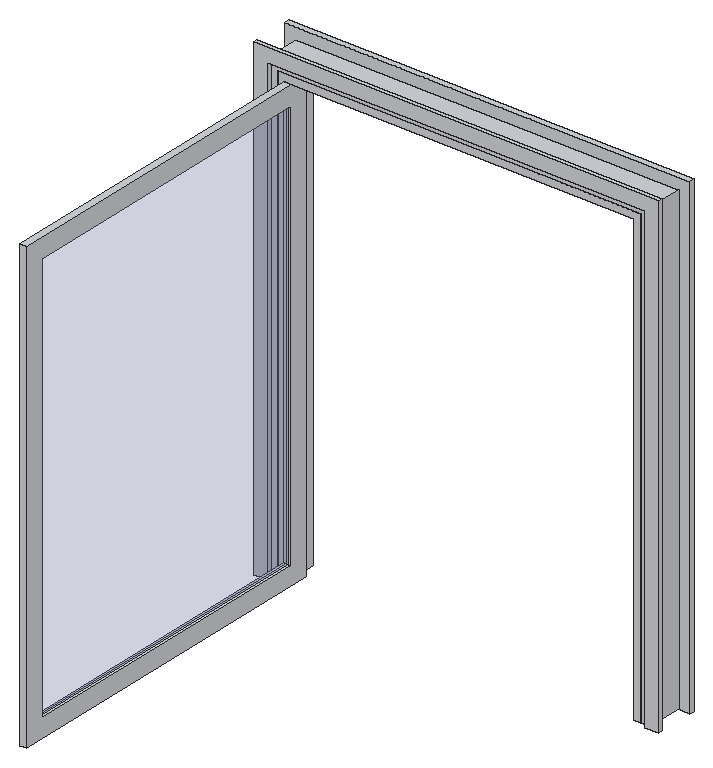
Revit family "Porte_Simple_Nu_axe_Va-et-Vient", category Portes, Revit 2016
Family settings
  Hôte = Mur
  Numéro OmniClass = 23.30.10.00
  Titre OmniClass = Doors
  Toujours verticalement = Oui
  Couper avec des vides une fois chargée = Non
  Partagée = Non
  Point de calcul de pièce = Oui
Parameters (values of type "190 x 93 Vitrée")
  ouvrant = none
  demi largeur = Ouvrant_Largeur / 2  # 75 cm
  Type_Ouvrant = Ouvrant : Ouvrant _vitré
  Stable au Feu en Heures = ""
  Pre_Cadre = none
  Pare Feu en Heures = ""
  Ouvrant_Largeur = 150 cm
  Ouvrant_Epaisseur = 3 cm
  Largeur_Passage = Ouvrant_Largeur - ((Dormant_Exterieur_Epaisseur - Dormant_Interieur_Epaisseur) * 2)  # 146 cm
  Rough Width = Width  # 164 cm
  Hauteur_Passage = Ouvrant_Hauteur - (Dormant_Exterieur_Epaisseur - Dormant_Interieur_Epaisseur)  # 191 cm
  Ouvrant_Hauteur = 193 cm
  Rough Height = Height  # 200 cm
  Epaisseur_Pre_Cadre = 4 cm
  Dormant_Interieur_Epaisseur = 3 cm
  Dormant_Exterieur_Epaisseur = 5 cm
  Couvre_Joint_Interieur_Recouvrement_mur = 5 cm
  Fonction = Intérieur
  Couvre_Joint_Interieur_Epaisseur = 2 cm
  Height = Hauteur_Passage + (Epaisseur_Pre_Cadre + Dormant_Exterieur_Epaisseur)  # 200 cm
  Fermeture du mur = Par hôte
  Width = Largeur_Passage + (Epaisseur_Pre_Cadre + Dormant_Exterieur_Epaisseur) * 2  # 164 cm
  Couvre_Joint_Interieur_Recouvrement_Cadre = 1 cm
  Couvre_Joint_Interieur = none
  Couvre_Joint_Extrieur_Epaisseur = 2 cm
  Couvre_Joint_Exterieur_Recouvrement_mur = 5 cm
  Couvre_Joint_Exterieur_Recouvrement_Cadre = 1 cm
  Couvre_Joint_Exterieur = none
  Coupe Feu en Heures = ""
  Construction analytique = "<Aucun>"
  Cadre_Epaisseur = Epaisseur_Pre_Cadre + Dormant_Exterieur_Epaisseur  # 9 cm
  CODE [instance] = "CODE"
  . = 0 cm  # constant formula
Types (2, lengths in cm): name | demi largeur | Type_Ouvrant | Pare Feu en Heures | Ouvrant_Largeur | Largeur_Passage | Rough Width | Width | CODE
  190 x 93 Vitrée | 75 | Ouvrant : Ouvrant _vitré | "" | 150 | 146 | 164 | 164 | "CODE"
  190 x 93 Simple | 49.5 | Ouvrant : Ouvrant _Simple | "PF 1H" | 99 | 95 | 113 | 113 | "FP"
Reference planes (cm)
  plane 1: y = 0
  plane 2 "Centre (gauche/droite)": x = 0
  plane 3 "Gauche": x = -82
  plane 4 "Droite": x = 82
  plane 5: z = 200
  plane 6 "Extérieur": y = 7.5
  plane 7 "Intérieur": y = -7.5
  plane 8: x = -73
  plane 9: x = 73
  plane 10: z = 191
Forms (cm)
  Sweep 1, solid, material <- "Couvre_Joint_Interieur"
    path origin (0, -7.5, 0) x (1, 0, 0) y (0, 0, 1)
      loop
        line (82, 0) -> (82, 200) -> (-82, 200) -> (-82, 0)
    profile origin (-82, -7.5, 100) x (0, -1, 0) y (1, 0, 0)
      loop
        line (0, -5) -> (2, -5) -> (2, 1) -> (0, 1) -> (0, -5)
  Sweep 2, solid, material <- "Couvre_Joint_Exterieur"
    path origin (0, 7.5, 0) x (1, 0, 0) y (0, 0, 1)
      loop
        line (82, 0) -> (82, 200) -> (-82, 200) -> (-82, 0)
    profile origin (0, 7.5, 200) x (0, 0, -1) y (0, -1, 0)
      loop
        line (-5, 0) -> (-5, -2) -> (1, -2) -> (1, 0) -> (-5, 0)
  Sweep 3, solid, material <- "Pre_Cadre"
    path origin (0, -7.5, 0) x (1, 0, 0) y (0, 0, 1)
      loop
        line (-82, 0) -> (-82, 200) -> (82, 200) -> (82, 0)
    profile origin (0, -7.5, 200) x (0, 0, 1) y (0, -1, 0)
      loop
        line (0, 0) -> (-4, 0) -> (-4, -15) -> (0, -15) -> (0, 0)
  Sweep 4, solid
    path origin (0, -7.5, 0) x (1, 0, 0) y (0, 0, 1)
      loop
        line (-73, 0) -> (-73, 191) -> (73, 191) -> (73, 0)
    profile origin (0, -7.5, 191) x (0, 0, 1) y (0, -1, 0)
      loop
        line (5, 0) -> (2, 0) -> (2, -15) -> (5, -15) -> (5, 0)
Lines and regions (cm)
  Opening 1
    outline origin (-305, -7.5, 0) x (1, 0, 0) y (0, 0, 1)
      loop
        line (223, 0) -> (387, 0) -> (387, 200) -> (223, 200) -> (223, 0)
  symbolic lines, style "Sens d'ouverture de l'élévation"
    curve 1: line (82, -7.5, 100) -> (-82, -7.5, 200)
    curve 2: line (82, -7.5, 100) -> (-82, -7.5, 0)
  symbolic lines, style "Sens d'ouverture du plan"
    curve 3: arc (-73, -150, 0) -> (31.9364, -105.5239, 0) -> (75, 0, 0) r 149.4451
    curve 4: line (-75, 0, 0) -> (-72, 0, 0)
    curve 5: line (-75, 150, 0) -> (-75, 0, 0)
    curve 6: line (-72, 150, 0) -> (-75, 150, 0)
    curve 7: line (-72, 0, 0) -> (-72, 150, 0)
    curve 8: arc (-75, 150, 0) -> (31.066, 106.066, 0) -> (75, 0, 0) r 150
Text (cm)
  text "Extérieur" at (-229.5016, 109.9543, 0), in view "Niveau de réf."
  text "Extérieur" at (0, 161.538, 369.8081), in view "Gauche"
  text "Extérieur" at (0, 103.6032, 387.4932), in view "Droite"
Dimensions and locks (cm)
  equal spacing: host wall, curve 2, plane 5
  host wall to plane 5 = 200 cm
  locked: plane 6 "Extérieur" to host wall at 0
  locked: plane 7 "Intérieur" to host wall
  "Couvre_Joint_Interieur_Recouvrement_mur": Sweep 1 sketch curve to profile plane
  "Couvre_Joint_Interieur_Recouvrement_Cadre": profile plane to Sweep 1 sketch curve
  "Couvre_Joint_Interieur_Epaisseur": Sweep 1 sketch curve to Sweep 1 sketch curve
  "Couvre_Joint_Exterieur_Recouvrement_Cadre": profile plane to Sweep 2 sketch curve
  "Couvre_Joint_Exterieur_Recouvrement_mur": Sweep 2 sketch curve to profile plane
  "Couvre_Joint_Extrieur_Epaisseur": Sweep 2 sketch curve to Sweep 2 sketch curve
  "Epaisseur_Pre_Cadre": Sweep 3 sketch curve to Sweep 3 sketch curve
  "Largeur_Passage": plane 9 to plane 8
  "Hauteur_Passage": plane 10 to level
  equal spacing: plane 9, plane 2 "Centre (gauche/droite)", plane 8
  "Dormant_Exterieur_Epaisseur": profile plane to Sweep 4 sketch curve
  "Cadre_Epaisseur": plane 5 to plane 10
  equal spacing: plane 3 "Gauche", plane 2 "Centre (gauche/droite)", plane 4 "Droite"
  "Rough Width": plane 3 "Gauche" to plane 4 "Droite"
  "Dormant_Interieur_Epaisseur": Sweep 3 to Sweep 4 sketch curve
  "demi largeur": nested 2 to nested 1
  locked: nested 1 to nested 2 at 9.9395
  locked: nested 1 to nested 4 at 15
  "Ouvrant_Largeur": curve 6 to nested 1
  aligned and locked: plane 3 "Gauche" to Opening 1 sketch curve
  aligned and locked: plane 5 to Opening 1 sketch curve  (x2)
  aligned and locked: Opening 1 sketch curve to plane 4 "Droite"
  aligned and locked: Opening 1 sketch curve to level
  aligned and locked: plane 5 to curve 1
  aligned and locked: plane 3 "Gauche" to curve 2
  aligned and locked: plane 1 to host wall
  aligned and locked: plane 3 "Gauche" to curve 1
  aligned and locked: profile plane to Sweep 1 sketch curve
  aligned and locked: Sweep 2 sketch curve to host wall  (x3)
  aligned and locked: Sweep 2 sketch curve to profile plane
  aligned and locked: plane 5 to Sweep 3 sketch curve
  aligned and locked: Sweep 3 sketch curve to plane 3 "Gauche"
  aligned and locked: Sweep 3 sketch curve to host wall  (x2)
  aligned and locked: profile plane to Sweep 3 sketch curve
  aligned and locked: Sweep 1 to Sweep 3 sketch curve
  aligned and locked: Sweep 4 sketch curve to plane 10
  aligned and locked: plane 8 to Sweep 4 sketch curve
  aligned and locked: Sweep 4 sketch curve to plane 9
  aligned and locked: Sweep 4 sketch curve to host wall  (x2)
  aligned and locked: Sweep 4 to Sweep 4
  aligned and locked: host wall to nested 1
  aligned and locked: nested 1 to host wall  (x2)
  aligned and locked: host wall to curve 3
  aligned and locked: Sweep 4 to curve 3
  aligned and locked: nested 1 to curve 3
  aligned and locked: nested 1 to Sweep 4
  aligned and locked: nested 3 to nested 1
  aligned and locked: nested 2 to nested 5
  aligned and locked: nested 5 to nested 1
  aligned and locked: nested 4 to nested 5
  aligned and locked: nested 1 to curve 7
  aligned and locked: curve 5 to nested 1
  aligned and locked: host wall to curve 4
Automatic sketch dimensions
  plane 4 "Droite" to curve 2 = 0 cm
  curve 2 to level = 0 cm
  plane 3 "Gauche" to Sweep 1 sketch curve = 0 cm
  plane 4 "Droite" to Sweep 1 sketch curve = 0 cm
  Sweep 1 sketch curve to plane 5 = 0 cm
  Sweep 1 sketch curve to level = 0 cm  (x2)
  Sweep 2 sketch curve to level = 0 cm  (x2)
  Sweep 3 sketch curve to level = 0 cm  (x2)
  Sweep 4 sketch curve to level = 0 cm  (x2)
  curve 3 to plane 8 = 0 cm
  host wall to curve 3 = 0.5619 cm
Nested families (cm)
  nested 1: "Ouvrant" at (-75, 0, 0) x (0, -1, 0) z (0, 0, 1), Epaisseur_Ouvrant <- "Ouvrant_Epaisseur", Hauteure_Ouvrant <- "Ouvrant_Hauteur", Largeur_Ouvrant <- "Ouvrant_Largeur", type <- "Type_Ouvrant", type "Ouvrant _vitré"
    with Ouvrant none, Largeur_Ouvrant 150 cm, Hauteure_Ouvrant 193 cm, Epaisseur_Ouvrant 3 cm
  nested 2: "Hauteur-Largeur_50e AXE" at (-62.0605, -75, 0) x (0, 1, 0) z (0, 0, 1), type "Hauteur-Largeur_50e AXE", detail levels medium+fine
    with Largeur 150 cm
  nested 3: "PF-CF-SF-FP_50e AXE" at (-75, -57.9332, 0) x (0, 1, 0) z (0, 0, 1), Coupe Feu <- "Coupe Feu en Heures", Ferme_Porte <- "CODE", Pare Feu <- "Pare Feu en Heures", Stable au Feu <- "Stable au Feu en Heures", type "PF-CF-SF-FP_50e AXE", detail levels medium+fine
    with Stable au Feu "", Pare Feu "", Ferme_Porte "CODE", Coupe Feu ""
  nested 4: "Hauteur-Largeur_100e-200e AXE" at (-57, -75, 0) x (0, 1, 0) z (0, 0, 1), type "Hauteur-Largeur_100e-200e AXE", detail levels coarse
    with Largeur 150 cm, Hauteur 193 cm
  nested 5: "PF-CF-SF-FP_100e-200e AXE" at (-75, -75, 0) x (0, 1, 0) z (0, 0, 1), Coupe Feu <- "Coupe Feu en Heures", Ferme_Porte <- "CODE", Pare Feu <- "Pare Feu en Heures", Stable au Feu <- "Stable au Feu en Heures", type "PF-CF-SF-FP_100e-200e AXE", detail levels coarse
    with Stable au Feu "", Pare Feu "", Ferme_Porte "CODE", Coupe Feu ""
Definition of nested family "Ouvrant"
  Parameters (values of type "Ouvrant _Simple")
    Vitré = no
    Vitre = none
    Simple = yes
    Ouvrant [instance] = none
    Largeur_Ouvrant [instance] = 93 cm
    Largeur_Cadre = 8.0605 cm
    Hauteure_Ouvrant [instance] = 210.1078 cm
    Epaisseur_Ouvrant [instance] = 3 cm
    Analytic Construction = "<Aucun>"
  Types (2, lengths in cm): name | Vitré | Simple
    Ouvrant _Simple | no | yes
    Ouvrant _vitré | yes | no
  Reference planes (cm)
    plane 1 "Centre (avant/arrière)": y = 0
    plane 2: z = 0
    plane 3 "Centre (gauche/droite)": x = 0
    plane 4: z = 210.1078
  Forms (cm)
    Extrusion 1, solid, material <- "Ouvrant", visible <- "Simple"
      sketch origin (0, 0, 0) x (1, 0, 0) y (0, 1, 0)
        loop
          line (0, 0) -> (93, 0) -> (93, 3) -> (0, 3) -> (0, 0)
      from 0 to 210.1078 <- "Hauteure_Ouvrant"
    Extrusion 2, solid, material <- "Vitre", visible <- "Vitré"
      sketch origin (0, 0, 0) x (1, 0, 0) y (0, 0, 1)
        loop
          line (8.0605, 202.0473) -> (8.0605, 8.0605) -> (84.9395, 8.0605) -> (84.9395, 202.0473) -> (8.0605, 202.0473)
      from -2 to -1
    Sweep 3, solid, material <- "Ouvrant", visible <- "Vitré"
      path origin (0, 0, 0) x (1, 0, 0) y (0, 0, 1)
        loop
          line (0, 210.1078) -> (0, 0) -> (93, 0) -> (93, 210.1078) -> (0, 210.1078)
      profile origin (46.5, 0, 210.1078) x (0, 0, 1) y (0, -1, 0)
        loop
          line (0, 0) -> (-8.0605, 0) -> (-8.0605, -3) -> (0, -3) -> (0, 0)
  Dimensions and locks (cm)
    "Hauteure_Ouvrant": plane 4 to level
    "Epaisseur_Ouvrant": Extrusion 1 sketch curve to Extrusion 1 sketch curve
    "Largeur_Ouvrant": Extrusion 1 sketch curve to Extrusion 1 sketch curve
    "Largeur_Cadre": Extrusion 1 to Sweep 3 sketch curve
    "Largeur_Ouvrant": Sweep 3 sketch curve to Sweep 3 sketch curve
    "Epaisseur_Ouvrant": Sweep 3 sketch curve to Sweep 3 sketch curve
    aligned and locked: level to plane 2
    aligned and locked: plane 1 "Centre (avant/arrière)" to Extrusion 1
    aligned and locked: Extrusion 1 to level
    aligned and locked: plane 3 "Centre (gauche/droite)" to Extrusion 1
    aligned and locked: Sweep 3 sketch curve to Extrusion 1  (x5)
    aligned and locked: Extrusion 2 sketch curve to Sweep 3  (x4)
  Automatic sketch dimensions
    Extrusion 1 sketch curve to plane 3 "Centre (gauche/droite)" = 0 cm
    plane 1 "Centre (avant/arrière)" to Extrusion 1 sketch curve = 0 cm
Definition of nested family "Hauteur-Largeur_50e AXE"
  Parameters (values of type "Hauteur-Largeur_50e AXE")
    Largeur = 93 cm
    Hauteur = 193 cm
  Reference planes (cm)
    plane 1: y = 0
    plane 2: x = 0
  Text (cm)
    label "83 / 204" at (0.0239, 0.1947, 0), shows "Largeur", "Hauteur"
Definition of nested family "PF-CF-SF-FP_50e AXE"
  Parameters (values of type "PF-CF-SF-FP_50e AXE")
    Stable au Feu [instance] = ""
    Pare Feu [instance] = ""
    Ferme_Porte [instance] = "FP"
    Coupe Feu [instance] = ""
  Reference planes (cm)
    plane 1: y = 0
    plane 2: x = 0
  Text (cm)
    label "Stable au Feu Pare Feu Coupe Feu Ferme_Porte" at (0.1219, 0.2669, 0), shows "Stable au Feu", "Pare Feu", "Coupe Feu", "Ferme_Porte"
Definition of nested family "Hauteur-Largeur_100e-200e AXE"
  Parameters (values of type "Hauteur-Largeur_100e-200e AXE")
    Largeur = 93 cm
    Hauteur = 204 cm
  Reference planes (cm)
    plane 1: y = 0
    plane 2: x = 0
  Text (cm)
    label "83 / 200" at (0.0277, 0.1365, 0), shows "Largeur", "Hauteur"
Definition of nested family "PF-CF-SF-FP_100e-200e AXE"
  Parameters (values of type "PF-CF-SF-FP_100e-200e AXE")
    Stable au Feu [instance] = ""
    Pare Feu [instance] = ""
    Ferme_Porte [instance] = "FP"
    Coupe Feu [instance] = ""
  Reference planes (cm)
    plane 1: y = 0
    plane 2: x = 0
  Text (cm)
    label "Stable au Feu Pare Feu Coupe Feu Ferme_Porte" at (0.0513, 0.177, 0), shows "Stable au Feu", "Pare Feu", "Coupe Feu", "Ferme_Porte"
